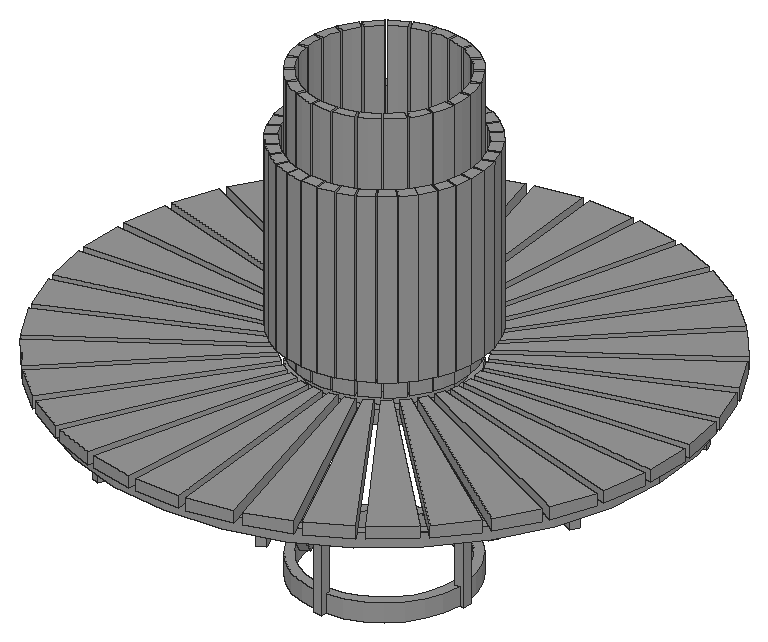
Revit family "Скамейка стальная вокруг дерева или столба «Экспресс».Арт 10728", category Антураж, Revit 2018
Family settings
  На основе рабочей плоскости = Нет
  Всегда вертикально = Да
  При загрузке вырезать с полостями = Нет
  Источник визуального образа = Геометрия семейства
  Общий = Нет
  Точка расчета площади = Нет
Parameters (values of type "Скамейка стальная вокруг дерева или столба «Экспресс». Версия с кашпо")
  Ширина = Диаметр  # 1300 mm
  Цвет лавки = Дерево
  Цвет каркаса = Сталь
  С кашпо = yes
  Описание = if(Без кашпо, "Скамейка стальная вокруг дерева или столба «Экспресс». Версия без кашпо", "Скамейка стальная вокруг дерева или столба «Экспресс». Версия с кашпо")  # "Скамейка стальная вокруг дерева или столба «Экспресс». Версия с кашпо"
  Материал изделия = "Сталь, дерево"  # constant formula
  Изображение типоразмера = Скамейка стальная вокруг дерева или столба «Экспресс» Арт 10728 с кашпо.jpg
  Изготовитель = "ООО «Хоббика»"  # constant formula
  Длина = Диаметр  # 1300 mm
  Диаметр = 1300 mm  # constant formula
  Группа модели = "Скамейки"  # constant formula
  Высота = 1030 mm  # constant formula
  Без кашпо = not(С кашпо)  # no
  Артикул товара = "Арт. 10728"  # constant formula
  URL = "https://hobbyka.ru/product/skameyka_vokrug_dereva_ekspress/"
Reference planes
  plane 1 "По центру (Вперед/Назад)": y = 0
  plane 2: z = 0
  plane 3 "По центру (Влево/Вправо)": x = 0
  plane 4: x = 1300
  plane 5: y = 1300
  plane 6: z = 1030
Forms (mm)
  Extrusion 1, solid, material "Сталь" <- "Цвет каркаса"
    sketch origin (0, 0, 0) x (1, 0, 0) y (0, 1, 0)
      loop
        circle (650, 650) r 180
      loop
        circle (650, 650) r 160
    from 0 to 40
  Extrusion 2, solid, material "Сталь" <- "Цвет каркаса", visible <- "Без кашпо"
    sketch origin (0, 0, 0) x (1, 0, 0) y (0, 1, 0)
      loop
        circle (650, 650) r 180
      loop
        circle (650, 650) r 160
    from 910 to 930
  Extrusion 3, solid, material "Сталь" <- "Цвет каркаса", visible <- "Без кашпо"
    sketch origin (0, 0, 0) x (1, 0, 0) y (0, 1, 0)
      loop
        circle (650, 650) r 180
      loop
        circle (650, 650) r 160
    from 1010 to 1030
  Extrusion 4, solid, material "Сталь" <- "Цвет каркаса"
    sketch origin (0, 0, 0) x (1, 0, 0) y (0, 1, 0)
      loop
        circle (650, 650) r 630
      loop
        circle (650, 650) r 610
    from 405 to 435
  Extrusion 5, solid, material "Сталь" <- "Цвет каркаса"
    sketch origin (0, 0, 0) x (1, 0, 0) y (0, 1, 0)
      loop
        circle (650, 650) r 180
      loop
        circle (650, 650) r 160
    from 405 to 435
  Extrusion 6, solid, material "Сталь" <- "Цвет каркаса"
    sketch origin (0, 0, 0) x (1, 0, 0) y (0, 1, 0)
      loop
        line (640, 840) -> (640, 820) -> (660, 820) -> (660, 840) -> (640, 840)
      loop
        line (460, 660) -> (460, 640) -> (480, 640) -> (480, 660) -> (460, 660)
      loop
        line (840, 660) -> (820, 660) -> (820, 640) -> (840, 640) -> (840, 660)
      loop
        line (660, 460) -> (660, 480) -> (640, 480) -> (640, 460) -> (660, 460)
    from 0 to 435
  Extrusion 7, solid, material "Сталь" <- "Цвет каркаса", visible <- "Без кашпо"
    sketch origin (0, 0, 0) x (1, 0, 0) y (0, 1, 0)
      loop
        line (640, 815) -> (640, 795) -> (660, 795) -> (660, 815) -> (640, 815)
      loop
        line (485, 660) -> (485, 640) -> (505, 640) -> (505, 660) -> (485, 660)
      loop
        line (815, 660) -> (795, 660) -> (795, 640) -> (815, 640) -> (815, 660)
      loop
        line (660, 485) -> (660, 505) -> (640, 505) -> (640, 485) -> (660, 485)
    from 405 to 1030
  Extrusion 8, solid, material "Сталь" <- "Цвет каркаса"
    sketch origin (0, 0, 0) x (1, 0, 0) y (0, 1, 0)
      loop
        line (480, 660) -> (30, 660) -> (30, 640) -> (480, 640) -> (480, 660)
      loop
        line (1270, 660) -> (820, 660) -> (820, 640) -> (1270, 640) -> (1270, 660)
      loop
        line (660, 820) -> (660, 1270) -> (640, 1270) -> (640, 820) -> (660, 820)
      loop
        line (660, 30) -> (660, 480) -> (640, 480) -> (640, 30) -> (660, 30)
    from 405 to 435
  Extrusion 9, solid, material "Сталь" <- "Цвет каркаса"
    sketch origin (259.531, -230.667, 0) x (-0.422618, 0.906308, 0) y (0, 0, 1)
      loop
        line (20, 405) -> (20, 380) -> (160, 380) -> (347.383, 192.617) -> (472.217, 192.617) -> (472.217, 217.617) -> (357.739, 217.617) -> (170.355, 405) -> (20, 405)
    from 640 to 660
  Extrusion 10, solid, material "Сталь" <- "Цвет каркаса"
    sketch origin (1040.469, -230.667, 0) x (0.422618, 0.906308, 0) y (0, 0, -1)
      loop
        line (20, -405) -> (170.355, -405) -> (357.739, -217.617) -> (472.217, -217.617) -> (472.217, -192.617) -> (347.383, -192.617) -> (160, -380) -> (20, -380) -> (20, -405)
    from 640 to 660
  Extrusion 11, solid, material "Сталь" <- "Цвет каркаса"
    sketch origin (259.531, 1530.667, 0) x (-0.422618, -0.906308, 0) y (0, 0, -1)
      loop
        line (20, -405) -> (170.355, -405) -> (357.739, -217.617) -> (472.217, -217.617) -> (472.217, -192.617) -> (347.383, -192.617) -> (160, -380) -> (20, -380) -> (20, -405)
    from 640 to 660
  Extrusion 12, solid, material "Сталь" <- "Цвет каркаса"
    sketch origin (1040.469, 1530.667, 0) x (0.422618, -0.906308, 0) y (0, 0, 1)
      loop
        line (20, 405) -> (20, 380) -> (160, 380) -> (347.383, 192.617) -> (472.217, 192.617) -> (472.217, 217.617) -> (357.739, 217.617) -> (170.355, 405) -> (20, 405)
    from 640 to 660
  Extrusion 13, solid, material "Сталь" <- "Цвет каркаса"
    sketch origin (-230.667, 1040.469, 0) x (0.906308, 0.422618, 0) y (0, 0, 1)
      loop
        line (20, 405) -> (20, 380) -> (160, 380) -> (347.383, 192.617) -> (472.217, 192.617) -> (472.217, 217.617) -> (357.739, 217.617) -> (170.355, 405) -> (20, 405)
    from 640 to 660
  Extrusion 14, solid, material "Сталь" <- "Цвет каркаса"
    sketch origin (-230.667, 259.531, 0) x (0.906308, -0.422618, 0) y (0, 0, -1)
      loop
        line (20, -405) -> (170.355, -405) -> (357.739, -217.617) -> (472.217, -217.617) -> (472.217, -192.617) -> (347.383, -192.617) -> (160, -380) -> (20, -380) -> (20, -405)
    from 640 to 660
  Extrusion 15, solid, material "Сталь" <- "Цвет каркаса"
    sketch origin (1530.667, 1040.469, 0) x (-0.906308, 0.422618, 0) y (0, 0, -1)
      loop
        line (20, -405) -> (170.355, -405) -> (357.739, -217.617) -> (472.217, -217.617) -> (472.217, -192.617) -> (347.383, -192.617) -> (160, -380) -> (20, -380) -> (20, -405)
    from 640 to 660
  Extrusion 16, solid, material "Сталь" <- "Цвет каркаса"
    sketch origin (1530.667, 259.531, 0) x (-0.906308, -0.422618, 0) y (0, 0, 1)
      loop
        line (20, 405) -> (20, 380) -> (160, 380) -> (347.383, 192.617) -> (472.217, 192.617) -> (472.217, 217.617) -> (357.739, 217.617) -> (170.355, 405) -> (20, 405)
    from 640 to 660
  Extrusion 17, solid, material "Дерево" <- "Цвет лавки"
    sketch origin (0, 0, 0) x (1, 0, 0) y (0, 1, 0)
      loop
        arc (698.144, 1298.215) -> (650, 1300) -> (601.856, 1298.215) r 650
        line (601.856, 1298.215) -> (640, 839.737)
        arc (640, 839.737) -> (650, 840) -> (660, 839.737) r 190
        line (660, 839.737) -> (698.144, 1298.215)
    from 435 to 460
  Extrusion 18, solid, material "Дерево" <- "Цвет лавки"
    sketch origin (-102.996, 122.746, 0) x (0.984808, -0.173648, 0) y (0.173648, 0.984808, 0)
      loop
        arc (698.144, 1298.215) -> (650, 1300) -> (601.856, 1298.215) r 650
        line (601.856, 1298.215) -> (640, 839.737)
        arc (640, 839.737) -> (650, 840) -> (660, 839.737) r 190
        line (660, 839.737) -> (698.144, 1298.215)
    from 435 to 460
  Extrusion 19, solid, material "Дерево" <- "Цвет лавки"
    sketch origin (-183.113, 261.513, 0) x (0.939693, -0.34202, 0) y (0.34202, 0.939693, 0)
      loop
        arc (698.144, 1298.215) -> (650, 1300) -> (601.856, 1298.215) r 650
        line (601.856, 1298.215) -> (640, 839.737)
        arc (640, 839.737) -> (650, 840) -> (660, 839.737) r 190
        line (660, 839.737) -> (698.144, 1298.215)
    from 435 to 460
  Extrusion 20, solid, material "Дерево" <- "Цвет лавки"
    sketch origin (-237.917, 412.083, 0) x (0.866025, -0.5, 0) y (0.5, 0.866025, 0)
      loop
        arc (698.144, 1298.215) -> (650, 1300) -> (601.856, 1298.215) r 650
        line (601.856, 1298.215) -> (640, 839.737)
        arc (640, 839.737) -> (650, 840) -> (660, 839.737) r 190
        line (660, 839.737) -> (698.144, 1298.215)
    from 435 to 460
  Extrusion 21, solid, material "Дерево" <- "Цвет лавки"
    sketch origin (-265.741, 569.883, 0) x (0.766044, -0.642788, 0) y (0.642788, 0.766044, 0)
      loop
        arc (698.144, 1298.215) -> (650, 1300) -> (601.856, 1298.215) r 650
        line (601.856, 1298.215) -> (640, 839.737)
        arc (640, 839.737) -> (650, 840) -> (660, 839.737) r 190
        line (660, 839.737) -> (698.144, 1298.215)
    from 435 to 460
  Extrusion 22, solid, material "Дерево" <- "Цвет лавки"
    sketch origin (-265.741, 730.117, 0) x (0.642788, -0.766044, 0) y (0.766044, 0.642788, 0)
      loop
        arc (698.144, 1298.215) -> (650, 1300) -> (601.856, 1298.215) r 650
        line (601.856, 1298.215) -> (640, 839.737)
        arc (640, 839.737) -> (650, 840) -> (660, 839.737) r 190
        line (660, 839.737) -> (698.144, 1298.215)
    from 435 to 460
  Extrusion 23, solid, material "Дерево" <- "Цвет лавки"
    sketch origin (-237.917, 887.917, 0) x (0.5, -0.866025, 0) y (0.866025, 0.5, 0)
      loop
        arc (698.144, 1298.215) -> (650, 1300) -> (601.856, 1298.215) r 650
        line (601.856, 1298.215) -> (640, 839.737)
        arc (640, 839.737) -> (650, 840) -> (660, 839.737) r 190
        line (660, 839.737) -> (698.144, 1298.215)
    from 435 to 460
  Extrusion 24, solid, material "Дерево" <- "Цвет лавки"
    sketch origin (-183.113, 1038.487, 0) x (0.34202, -0.939693, 0) y (0.939693, 0.34202, 0)
      loop
        arc (698.144, 1298.215) -> (650, 1300) -> (601.856, 1298.215) r 650
        line (601.856, 1298.215) -> (640, 839.737)
        arc (640, 839.737) -> (650, 840) -> (660, 839.737) r 190
        line (660, 839.737) -> (698.144, 1298.215)
    from 435 to 460
  Extrusion 25, solid, material "Дерево" <- "Цвет лавки"
    sketch origin (-102.996, 1177.254, 0) x (0.173648, -0.984808, 0) y (0.984808, 0.173648, 0)
      loop
        arc (698.144, 1298.215) -> (650, 1300) -> (601.856, 1298.215) r 650
        line (601.856, 1298.215) -> (640, 839.737)
        arc (640, 839.737) -> (650, 840) -> (660, 839.737) r 190
        line (660, 839.737) -> (698.144, 1298.215)
    from 435 to 460
  Extrusion 26, solid, material "Дерево" <- "Цвет лавки"
    sketch origin (0, 1300, 0) x (0, -1, 0) y (1, 0, 0)
      loop
        arc (698.144, 1298.215) -> (650, 1300) -> (601.856, 1298.215) r 650
        line (601.856, 1298.215) -> (640, 839.737)
        arc (640, 839.737) -> (650, 840) -> (660, 839.737) r 190
        line (660, 839.737) -> (698.144, 1298.215)
    from 435 to 460
  Extrusion 27, solid, material "Дерево" <- "Цвет лавки"
    sketch origin (122.746, 1402.996, 0) x (-0.173648, -0.984808, 0) y (0.984808, -0.173648, 0)
      loop
        arc (698.144, 1298.215) -> (650, 1300) -> (601.856, 1298.215) r 650
        line (601.856, 1298.215) -> (640, 839.737)
        arc (640, 839.737) -> (650, 840) -> (660, 839.737) r 190
        line (660, 839.737) -> (698.144, 1298.215)
    from 435 to 460
  Extrusion 28, solid, material "Дерево" <- "Цвет лавки"
    sketch origin (261.513, 1483.113, 0) x (-0.34202, -0.939693, 0) y (0.939693, -0.34202, 0)
      loop
        arc (698.144, 1298.215) -> (650, 1300) -> (601.856, 1298.215) r 650
        line (601.856, 1298.215) -> (640, 839.737)
        arc (640, 839.737) -> (650, 840) -> (660, 839.737) r 190
        line (660, 839.737) -> (698.144, 1298.215)
    from 435 to 460
  Extrusion 29, solid, material "Дерево" <- "Цвет лавки"
    sketch origin (412.083, 1537.917, 0) x (-0.5, -0.866025, 0) y (0.866025, -0.5, 0)
      loop
        arc (698.144, 1298.215) -> (650, 1300) -> (601.856, 1298.215) r 650
        line (601.856, 1298.215) -> (640, 839.737)
        arc (640, 839.737) -> (650, 840) -> (660, 839.737) r 190
        line (660, 839.737) -> (698.144, 1298.215)
    from 435 to 460
  Extrusion 30, solid, material "Дерево" <- "Цвет лавки"
    sketch origin (569.883, 1565.741, 0) x (-0.642788, -0.766044, 0) y (0.766044, -0.642788, 0)
      loop
        arc (698.144, 1298.215) -> (650, 1300) -> (601.856, 1298.215) r 650
        line (601.856, 1298.215) -> (640, 839.737)
        arc (640, 839.737) -> (650, 840) -> (660, 839.737) r 190
        line (660, 839.737) -> (698.144, 1298.215)
    from 435 to 460
  Extrusion 31, solid, material "Дерево" <- "Цвет лавки"
    sketch origin (730.117, 1565.741, 0) x (-0.766044, -0.642788, 0) y (0.642788, -0.766044, 0)
      loop
        arc (698.144, 1298.215) -> (650, 1300) -> (601.856, 1298.215) r 650
        line (601.856, 1298.215) -> (640, 839.737)
        arc (640, 839.737) -> (650, 840) -> (660, 839.737) r 190
        line (660, 839.737) -> (698.144, 1298.215)
    from 435 to 460
  Extrusion 32, solid, material "Дерево" <- "Цвет лавки"
    sketch origin (887.917, 1537.917, 0) x (-0.866025, -0.5, 0) y (0.5, -0.866025, 0)
      loop
        arc (698.144, 1298.215) -> (650, 1300) -> (601.856, 1298.215) r 650
        line (601.856, 1298.215) -> (640, 839.737)
        arc (640, 839.737) -> (650, 840) -> (660, 839.737) r 190
        line (660, 839.737) -> (698.144, 1298.215)
    from 435 to 460
  Extrusion 33, solid, material "Дерево" <- "Цвет лавки"
    sketch origin (1038.487, 1483.113, 0) x (-0.939693, -0.34202, 0) y (0.34202, -0.939693, 0)
      loop
        arc (698.144, 1298.215) -> (650, 1300) -> (601.856, 1298.215) r 650
        line (601.856, 1298.215) -> (640, 839.737)
        arc (640, 839.737) -> (650, 840) -> (660, 839.737) r 190
        line (660, 839.737) -> (698.144, 1298.215)
    from 435 to 460
  Extrusion 34, solid, material "Дерево" <- "Цвет лавки"
    sketch origin (1177.254, 1402.996, 0) x (-0.984808, -0.173648, 0) y (0.173648, -0.984808, 0)
      loop
        arc (698.144, 1298.215) -> (650, 1300) -> (601.856, 1298.215) r 650
        line (601.856, 1298.215) -> (640, 839.737)
        arc (640, 839.737) -> (650, 840) -> (660, 839.737) r 190
        line (660, 839.737) -> (698.144, 1298.215)
    from 435 to 460
  Extrusion 35, solid, material "Дерево" <- "Цвет лавки"
    sketch origin (1300, 1300, 0) x (-1, 0, 0) y (0, -1, 0)
      loop
        arc (698.144, 1298.215) -> (650, 1300) -> (601.856, 1298.215) r 650
        line (601.856, 1298.215) -> (640, 839.737)
        arc (640, 839.737) -> (650, 840) -> (660, 839.737) r 190
        line (660, 839.737) -> (698.144, 1298.215)
    from 435 to 460
  Extrusion 36, solid, material "Дерево" <- "Цвет лавки"
    sketch origin (1402.996, 1177.254, 0) x (-0.984808, 0.173648, 0) y (-0.173648, -0.984808, 0)
      loop
        arc (698.144, 1298.215) -> (650, 1300) -> (601.856, 1298.215) r 650
        line (601.856, 1298.215) -> (640, 839.737)
        arc (640, 839.737) -> (650, 840) -> (660, 839.737) r 190
        line (660, 839.737) -> (698.144, 1298.215)
    from 435 to 460
  Extrusion 37, solid, material "Дерево" <- "Цвет лавки"
    sketch origin (1483.113, 1038.487, 0) x (-0.939693, 0.34202, 0) y (-0.34202, -0.939693, 0)
      loop
        arc (698.144, 1298.215) -> (650, 1300) -> (601.856, 1298.215) r 650
        line (601.856, 1298.215) -> (640, 839.737)
        arc (640, 839.737) -> (650, 840) -> (660, 839.737) r 190
        line (660, 839.737) -> (698.144, 1298.215)
    from 435 to 460
  Extrusion 38, solid, material "Дерево" <- "Цвет лавки"
    sketch origin (1537.917, 887.917, 0) x (-0.866025, 0.5, 0) y (-0.5, -0.866025, 0)
      loop
        arc (698.144, 1298.215) -> (650, 1300) -> (601.856, 1298.215) r 650
        line (601.856, 1298.215) -> (640, 839.737)
        arc (640, 839.737) -> (650, 840) -> (660, 839.737) r 190
        line (660, 839.737) -> (698.144, 1298.215)
    from 435 to 460
  Extrusion 39, solid, material "Дерево" <- "Цвет лавки"
    sketch origin (1565.741, 730.117, 0) x (-0.766044, 0.642788, 0) y (-0.642788, -0.766044, 0)
      loop
        arc (698.144, 1298.215) -> (650, 1300) -> (601.856, 1298.215) r 650
        line (601.856, 1298.215) -> (640, 839.737)
        arc (640, 839.737) -> (650, 840) -> (660, 839.737) r 190
        line (660, 839.737) -> (698.144, 1298.215)
    from 435 to 460
  Extrusion 40, solid, material "Дерево" <- "Цвет лавки"
    sketch origin (1565.741, 569.883, 0) x (-0.642788, 0.766044, 0) y (-0.766044, -0.642788, 0)
      loop
        arc (698.144, 1298.215) -> (650, 1300) -> (601.856, 1298.215) r 650
        line (601.856, 1298.215) -> (640, 839.737)
        arc (640, 839.737) -> (650, 840) -> (660, 839.737) r 190
        line (660, 839.737) -> (698.144, 1298.215)
    from 435 to 460
  Extrusion 41, solid, material "Дерево" <- "Цвет лавки"
    sketch origin (1537.917, 412.083, 0) x (-0.5, 0.866025, 0) y (-0.866025, -0.5, 0)
      loop
        arc (698.144, 1298.215) -> (650, 1300) -> (601.856, 1298.215) r 650
        line (601.856, 1298.215) -> (640, 839.737)
        arc (640, 839.737) -> (650, 840) -> (660, 839.737) r 190
        line (660, 839.737) -> (698.144, 1298.215)
    from 435 to 460
  Extrusion 42, solid, material "Дерево" <- "Цвет лавки"
    sketch origin (1483.113, 261.513, 0) x (-0.34202, 0.939693, 0) y (-0.939693, -0.34202, 0)
      loop
        arc (698.144, 1298.215) -> (650, 1300) -> (601.856, 1298.215) r 650
        line (601.856, 1298.215) -> (640, 839.737)
        arc (640, 839.737) -> (650, 840) -> (660, 839.737) r 190
        line (660, 839.737) -> (698.144, 1298.215)
    from 435 to 460
  Extrusion 43, solid, material "Дерево" <- "Цвет лавки"
    sketch origin (1402.996, 122.746, 0) x (-0.173648, 0.984808, 0) y (-0.984808, -0.173648, 0)
      loop
        arc (698.144, 1298.215) -> (650, 1300) -> (601.856, 1298.215) r 650
        line (601.856, 1298.215) -> (640, 839.737)
        arc (640, 839.737) -> (650, 840) -> (660, 839.737) r 190
        line (660, 839.737) -> (698.144, 1298.215)
    from 435 to 460
  Extrusion 44, solid, material "Дерево" <- "Цвет лавки"
    sketch origin (1300, 0, 0) x (0, 1, 0) y (-1, 0, 0)
      loop
        arc (698.144, 1298.215) -> (650, 1300) -> (601.856, 1298.215) r 650
        line (601.856, 1298.215) -> (640, 839.737)
        arc (640, 839.737) -> (650, 840) -> (660, 839.737) r 190
        line (660, 839.737) -> (698.144, 1298.215)
    from 435 to 460
  Extrusion 45, solid, material "Дерево" <- "Цвет лавки"
    sketch origin (1177.254, -102.996, 0) x (0.173648, 0.984808, 0) y (-0.984808, 0.173648, 0)
      loop
        arc (698.144, 1298.215) -> (650, 1300) -> (601.856, 1298.215) r 650
        line (601.856, 1298.215) -> (640, 839.737)
        arc (640, 839.737) -> (650, 840) -> (660, 839.737) r 190
        line (660, 839.737) -> (698.144, 1298.215)
    from 435 to 460
  Extrusion 46, solid, material "Дерево" <- "Цвет лавки"
    sketch origin (1038.487, -183.113, 0) x (0.34202, 0.939693, 0) y (-0.939693, 0.34202, 0)
      loop
        arc (698.144, 1298.215) -> (650, 1300) -> (601.856, 1298.215) r 650
        line (601.856, 1298.215) -> (640, 839.737)
        arc (640, 839.737) -> (650, 840) -> (660, 839.737) r 190
        line (660, 839.737) -> (698.144, 1298.215)
    from 435 to 460
  Extrusion 47, solid, material "Дерево" <- "Цвет лавки"
    sketch origin (887.917, -237.917, 0) x (0.5, 0.866025, 0) y (-0.866025, 0.5, 0)
      loop
        arc (698.144, 1298.215) -> (650, 1300) -> (601.856, 1298.215) r 650
        line (601.856, 1298.215) -> (640, 839.737)
        arc (640, 839.737) -> (650, 840) -> (660, 839.737) r 190
        line (660, 839.737) -> (698.144, 1298.215)
    from 435 to 460
  Extrusion 48, solid, material "Дерево" <- "Цвет лавки"
    sketch origin (730.117, -265.741, 0) x (0.642788, 0.766044, 0) y (-0.766044, 0.642788, 0)
      loop
        arc (698.144, 1298.215) -> (650, 1300) -> (601.856, 1298.215) r 650
        line (601.856, 1298.215) -> (640, 839.737)
        arc (640, 839.737) -> (650, 840) -> (660, 839.737) r 190
        line (660, 839.737) -> (698.144, 1298.215)
    from 435 to 460
  Extrusion 49, solid, material "Дерево" <- "Цвет лавки"
    sketch origin (569.883, -265.741, 0) x (0.766044, 0.642788, 0) y (-0.642788, 0.766044, 0)
      loop
        arc (698.144, 1298.215) -> (650, 1300) -> (601.856, 1298.215) r 650
        line (601.856, 1298.215) -> (640, 839.737)
        arc (640, 839.737) -> (650, 840) -> (660, 839.737) r 190
        line (660, 839.737) -> (698.144, 1298.215)
    from 435 to 460
  Extrusion 50, solid, material "Дерево" <- "Цвет лавки"
    sketch origin (412.083, -237.917, 0) x (0.866025, 0.5, 0) y (-0.5, 0.866025, 0)
      loop
        arc (698.144, 1298.215) -> (650, 1300) -> (601.856, 1298.215) r 650
        line (601.856, 1298.215) -> (640, 839.737)
        arc (640, 839.737) -> (650, 840) -> (660, 839.737) r 190
        line (660, 839.737) -> (698.144, 1298.215)
    from 435 to 460
  Extrusion 51, solid, material "Дерево" <- "Цвет лавки"
    sketch origin (261.513, -183.113, 0) x (0.939693, 0.34202, 0) y (-0.34202, 0.939693, 0)
      loop
        arc (698.144, 1298.215) -> (650, 1300) -> (601.856, 1298.215) r 650
        line (601.856, 1298.215) -> (640, 839.737)
        arc (640, 839.737) -> (650, 840) -> (660, 839.737) r 190
        line (660, 839.737) -> (698.144, 1298.215)
    from 435 to 460
  Extrusion 52, solid, material "Дерево" <- "Цвет лавки"
    sketch origin (122.746, -102.996, 0) x (0.984808, 0.173648, 0) y (-0.173648, 0.984808, 0)
      loop
        arc (698.144, 1298.215) -> (650, 1300) -> (601.856, 1298.215) r 650
        line (601.856, 1298.215) -> (640, 839.737)
        arc (640, 839.737) -> (650, 840) -> (660, 839.737) r 190
        line (660, 839.737) -> (698.144, 1298.215)
    from 435 to 460
  Extrusion 53, solid, material "Дерево" <- "Цвет лавки"
    sketch origin (0, 0, 0) x (1, 0, 0) y (0, 1, 0)
      loop
        line (664.99, 839.408) -> (667.063, 864.322)
        arc (667.063, 864.322) -> (650, 865) -> (632.937, 864.322) r 215
        line (632.937, 864.322) -> (635.01, 839.408)
        arc (635.01, 839.408) -> (650, 840) -> (664.99, 839.408) r 190
    from 510 to 890
  Extrusion 54, solid, material "Дерево" <- "Цвет лавки"
    sketch origin (-102.996, 122.746, 0) x (0.984808, -0.173648, 0) y (0.173648, 0.984808, 0)
      loop
        line (664.99, 839.408) -> (667.063, 864.322)
        arc (667.063, 864.322) -> (650, 865) -> (632.937, 864.322) r 215
        line (632.937, 864.322) -> (635.01, 839.408)
        arc (635.01, 839.408) -> (650, 840) -> (664.99, 839.408) r 190
    from 510 to 890
  Extrusion 55, solid, material "Дерево" <- "Цвет лавки"
    sketch origin (-183.113, 261.513, 0) x (0.939693, -0.34202, 0) y (0.34202, 0.939693, 0)
      loop
        line (664.99, 839.408) -> (667.063, 864.322)
        arc (667.063, 864.322) -> (650, 865) -> (632.937, 864.322) r 215
        line (632.937, 864.322) -> (635.01, 839.408)
        arc (635.01, 839.408) -> (650, 840) -> (664.99, 839.408) r 190
    from 510 to 890
  Extrusion 56, solid, material "Дерево" <- "Цвет лавки"
    sketch origin (-237.917, 412.083, 0) x (0.866025, -0.5, 0) y (0.5, 0.866025, 0)
      loop
        line (664.99, 839.408) -> (667.063, 864.322)
        arc (667.063, 864.322) -> (650, 865) -> (632.937, 864.322) r 215
        line (632.937, 864.322) -> (635.01, 839.408)
        arc (635.01, 839.408) -> (650, 840) -> (664.99, 839.408) r 190
    from 510 to 890
  Extrusion 57, solid, material "Дерево" <- "Цвет лавки"
    sketch origin (-265.741, 569.883, 0) x (0.766044, -0.642788, 0) y (0.642788, 0.766044, 0)
      loop
        line (664.99, 839.408) -> (667.063, 864.322)
        arc (667.063, 864.322) -> (650, 865) -> (632.937, 864.322) r 215
        line (632.937, 864.322) -> (635.01, 839.408)
        arc (635.01, 839.408) -> (650, 840) -> (664.99, 839.408) r 190
    from 510 to 890
  Extrusion 58, solid, material "Дерево" <- "Цвет лавки"
    sketch origin (-265.741, 730.117, 0) x (0.642788, -0.766044, 0) y (0.766044, 0.642788, 0)
      loop
        line (664.99, 839.408) -> (667.063, 864.322)
        arc (667.063, 864.322) -> (650, 865) -> (632.937, 864.322) r 215
        line (632.937, 864.322) -> (635.01, 839.408)
        arc (635.01, 839.408) -> (650, 840) -> (664.99, 839.408) r 190
    from 510 to 890
  Extrusion 59, solid, material "Дерево" <- "Цвет лавки"
    sketch origin (-237.917, 887.917, 0) x (0.5, -0.866025, 0) y (0.866025, 0.5, 0)
      loop
        line (664.99, 839.408) -> (667.063, 864.322)
        arc (667.063, 864.322) -> (650, 865) -> (632.937, 864.322) r 215
        line (632.937, 864.322) -> (635.01, 839.408)
        arc (635.01, 839.408) -> (650, 840) -> (664.99, 839.408) r 190
    from 510 to 890
  Extrusion 60, solid, material "Дерево" <- "Цвет лавки"
    sketch origin (-183.113, 1038.487, 0) x (0.34202, -0.939693, 0) y (0.939693, 0.34202, 0)
      loop
        line (664.99, 839.408) -> (667.063, 864.322)
        arc (667.063, 864.322) -> (650, 865) -> (632.937, 864.322) r 215
        line (632.937, 864.322) -> (635.01, 839.408)
        arc (635.01, 839.408) -> (650, 840) -> (664.99, 839.408) r 190
    from 510 to 890
  Extrusion 61, solid, material "Дерево" <- "Цвет лавки"
    sketch origin (-102.996, 1177.254, 0) x (0.173648, -0.984808, 0) y (0.984808, 0.173648, 0)
      loop
        line (664.99, 839.408) -> (667.063, 864.322)
        arc (667.063, 864.322) -> (650, 865) -> (632.937, 864.322) r 215
        line (632.937, 864.322) -> (635.01, 839.408)
        arc (635.01, 839.408) -> (650, 840) -> (664.99, 839.408) r 190
    from 510 to 890
  Extrusion 62, solid, material "Дерево" <- "Цвет лавки"
    sketch origin (0, 1300, 0) x (0, -1, 0) y (1, 0, 0)
      loop
        line (664.99, 839.408) -> (667.063, 864.322)
        arc (667.063, 864.322) -> (650, 865) -> (632.937, 864.322) r 215
        line (632.937, 864.322) -> (635.01, 839.408)
        arc (635.01, 839.408) -> (650, 840) -> (664.99, 839.408) r 190
    from 510 to 890
  Extrusion 63, solid, material "Дерево" <- "Цвет лавки"
    sketch origin (122.746, 1402.996, 0) x (-0.173648, -0.984808, 0) y (0.984808, -0.173648, 0)
      loop
        line (664.99, 839.408) -> (667.063, 864.322)
        arc (667.063, 864.322) -> (650, 865) -> (632.937, 864.322) r 215
        line (632.937, 864.322) -> (635.01, 839.408)
        arc (635.01, 839.408) -> (650, 840) -> (664.99, 839.408) r 190
    from 510 to 890
  Extrusion 64, solid, material "Дерево" <- "Цвет лавки"
    sketch origin (261.513, 1483.113, 0) x (-0.34202, -0.939693, 0) y (0.939693, -0.34202, 0)
      loop
        line (664.99, 839.408) -> (667.063, 864.322)
        arc (667.063, 864.322) -> (650, 865) -> (632.937, 864.322) r 215
        line (632.937, 864.322) -> (635.01, 839.408)
        arc (635.01, 839.408) -> (650, 840) -> (664.99, 839.408) r 190
    from 510 to 890
  Extrusion 65, solid, material "Дерево" <- "Цвет лавки"
    sketch origin (412.083, 1537.917, 0) x (-0.5, -0.866025, 0) y (0.866025, -0.5, 0)
      loop
        line (664.99, 839.408) -> (667.063, 864.322)
        arc (667.063, 864.322) -> (650, 865) -> (632.937, 864.322) r 215
        line (632.937, 864.322) -> (635.01, 839.408)
        arc (635.01, 839.408) -> (650, 840) -> (664.99, 839.408) r 190
    from 510 to 890
  Extrusion 66, solid, material "Дерево" <- "Цвет лавки"
    sketch origin (569.883, 1565.741, 0) x (-0.642788, -0.766044, 0) y (0.766044, -0.642788, 0)
      loop
        line (664.99, 839.408) -> (667.063, 864.322)
        arc (667.063, 864.322) -> (650, 865) -> (632.937, 864.322) r 215
        line (632.937, 864.322) -> (635.01, 839.408)
        arc (635.01, 839.408) -> (650, 840) -> (664.99, 839.408) r 190
    from 510 to 890
  Extrusion 67, solid, material "Дерево" <- "Цвет лавки"
    sketch origin (730.117, 1565.741, 0) x (-0.766044, -0.642788, 0) y (0.642788, -0.766044, 0)
      loop
        line (664.99, 839.408) -> (667.063, 864.322)
        arc (667.063, 864.322) -> (650, 865) -> (632.937, 864.322) r 215
        line (632.937, 864.322) -> (635.01, 839.408)
        arc (635.01, 839.408) -> (650, 840) -> (664.99, 839.408) r 190
    from 510 to 890
  Extrusion 68, solid, material "Дерево" <- "Цвет лавки"
    sketch origin (887.917, 1537.917, 0) x (-0.866025, -0.5, 0) y (0.5, -0.866025, 0)
      loop
        line (664.99, 839.408) -> (667.063, 864.322)
        arc (667.063, 864.322) -> (650, 865) -> (632.937, 864.322) r 215
        line (632.937, 864.322) -> (635.01, 839.408)
        arc (635.01, 839.408) -> (650, 840) -> (664.99, 839.408) r 190
    from 510 to 890
  Extrusion 69, solid, material "Дерево" <- "Цвет лавки"
    sketch origin (1038.487, 1483.113, 0) x (-0.939693, -0.34202, 0) y (0.34202, -0.939693, 0)
      loop
        line (664.99, 839.408) -> (667.063, 864.322)
        arc (667.063, 864.322) -> (650, 865) -> (632.937, 864.322) r 215
        line (632.937, 864.322) -> (635.01, 839.408)
        arc (635.01, 839.408) -> (650, 840) -> (664.99, 839.408) r 190
    from 510 to 890
  Extrusion 70, solid, material "Дерево" <- "Цвет лавки"
    sketch origin (1177.254, 1402.996, 0) x (-0.984808, -0.173648, 0) y (0.173648, -0.984808, 0)
      loop
        line (664.99, 839.408) -> (667.063, 864.322)
        arc (667.063, 864.322) -> (650, 865) -> (632.937, 864.322) r 215
        line (632.937, 864.322) -> (635.01, 839.408)
        arc (635.01, 839.408) -> (650, 840) -> (664.99, 839.408) r 190
    from 510 to 890
  Extrusion 71, solid, material "Дерево" <- "Цвет лавки"
    sketch origin (1300, 1300, 0) x (-1, 0, 0) y (0, -1, 0)
      loop
        line (664.99, 839.408) -> (667.063, 864.322)
        arc (667.063, 864.322) -> (650, 865) -> (632.937, 864.322) r 215
        line (632.937, 864.322) -> (635.01, 839.408)
        arc (635.01, 839.408) -> (650, 840) -> (664.99, 839.408) r 190
    from 510 to 890
  Extrusion 72, solid, material "Дерево" <- "Цвет лавки"
    sketch origin (1402.996, 1177.254, 0) x (-0.984808, 0.173648, 0) y (-0.173648, -0.984808, 0)
      loop
        line (664.99, 839.408) -> (667.063, 864.322)
        arc (667.063, 864.322) -> (650, 865) -> (632.937, 864.322) r 215
        line (632.937, 864.322) -> (635.01, 839.408)
        arc (635.01, 839.408) -> (650, 840) -> (664.99, 839.408) r 190
    from 510 to 890
  Extrusion 73, solid, material "Дерево" <- "Цвет лавки"
    sketch origin (1483.113, 1038.487, 0) x (-0.939693, 0.34202, 0) y (-0.34202, -0.939693, 0)
      loop
        line (664.99, 839.408) -> (667.063, 864.322)
        arc (667.063, 864.322) -> (650, 865) -> (632.937, 864.322) r 215
        line (632.937, 864.322) -> (635.01, 839.408)
        arc (635.01, 839.408) -> (650, 840) -> (664.99, 839.408) r 190
    from 510 to 890
  Extrusion 74, solid, material "Дерево" <- "Цвет лавки"
    sketch origin (1537.917, 887.917, 0) x (-0.866025, 0.5, 0) y (-0.5, -0.866025, 0)
      loop
        line (664.99, 839.408) -> (667.063, 864.322)
        arc (667.063, 864.322) -> (650, 865) -> (632.937, 864.322) r 215
        line (632.937, 864.322) -> (635.01, 839.408)
        arc (635.01, 839.408) -> (650, 840) -> (664.99, 839.408) r 190
    from 510 to 890
  Extrusion 75, solid, material "Дерево" <- "Цвет лавки"
    sketch origin (1565.741, 730.117, 0) x (-0.766044, 0.642788, 0) y (-0.642788, -0.766044, 0)
      loop
        line (664.99, 839.408) -> (667.063, 864.322)
        arc (667.063, 864.322) -> (650, 865) -> (632.937, 864.322) r 215
        line (632.937, 864.322) -> (635.01, 839.408)
        arc (635.01, 839.408) -> (650, 840) -> (664.99, 839.408) r 190
    from 510 to 890
  Extrusion 76, solid, material "Дерево" <- "Цвет лавки"
    sketch origin (1565.741, 569.883, 0) x (-0.642788, 0.766044, 0) y (-0.766044, -0.642788, 0)
      loop
        line (664.99, 839.408) -> (667.063, 864.322)
        arc (667.063, 864.322) -> (650, 865) -> (632.937, 864.322) r 215
        line (632.937, 864.322) -> (635.01, 839.408)
        arc (635.01, 839.408) -> (650, 840) -> (664.99, 839.408) r 190
    from 510 to 890
  Extrusion 77, solid, material "Дерево" <- "Цвет лавки"
    sketch origin (1537.917, 412.083, 0) x (-0.5, 0.866025, 0) y (-0.866025, -0.5, 0)
      loop
        line (664.99, 839.408) -> (667.063, 864.322)
        arc (667.063, 864.322) -> (650, 865) -> (632.937, 864.322) r 215
        line (632.937, 864.322) -> (635.01, 839.408)
        arc (635.01, 839.408) -> (650, 840) -> (664.99, 839.408) r 190
    from 510 to 890
  Extrusion 78, solid, material "Дерево" <- "Цвет лавки"
    sketch origin (1483.113, 261.513, 0) x (-0.34202, 0.939693, 0) y (-0.939693, -0.34202, 0)
      loop
        line (664.99, 839.408) -> (667.063, 864.322)
        arc (667.063, 864.322) -> (650, 865) -> (632.937, 864.322) r 215
        line (632.937, 864.322) -> (635.01, 839.408)
        arc (635.01, 839.408) -> (650, 840) -> (664.99, 839.408) r 190
    from 510 to 890
  Extrusion 79, solid, material "Дерево" <- "Цвет лавки"
    sketch origin (1402.996, 122.746, 0) x (-0.173648, 0.984808, 0) y (-0.984808, -0.173648, 0)
      loop
        line (664.99, 839.408) -> (667.063, 864.322)
        arc (667.063, 864.322) -> (650, 865) -> (632.937, 864.322) r 215
        line (632.937, 864.322) -> (635.01, 839.408)
        arc (635.01, 839.408) -> (650, 840) -> (664.99, 839.408) r 190
    from 510 to 890
  Extrusion 80, solid, material "Дерево" <- "Цвет лавки"
    sketch origin (1300, 0, 0) x (0, 1, 0) y (-1, 0, 0)
      loop
        line (664.99, 839.408) -> (667.063, 864.322)
        arc (667.063, 864.322) -> (650, 865) -> (632.937, 864.322) r 215
        line (632.937, 864.322) -> (635.01, 839.408)
        arc (635.01, 839.408) -> (650, 840) -> (664.99, 839.408) r 190
    from 510 to 890
  Extrusion 81, solid, material "Дерево" <- "Цвет лавки"
    sketch origin (1177.254, -102.996, 0) x (0.173648, 0.984808, 0) y (-0.984808, 0.173648, 0)
      loop
        line (664.99, 839.408) -> (667.063, 864.322)
        arc (667.063, 864.322) -> (650, 865) -> (632.937, 864.322) r 215
        line (632.937, 864.322) -> (635.01, 839.408)
        arc (635.01, 839.408) -> (650, 840) -> (664.99, 839.408) r 190
    from 510 to 890
  Extrusion 82, solid, material "Дерево" <- "Цвет лавки"
    sketch origin (1038.487, -183.113, 0) x (0.34202, 0.939693, 0) y (-0.939693, 0.34202, 0)
      loop
        line (664.99, 839.408) -> (667.063, 864.322)
        arc (667.063, 864.322) -> (650, 865) -> (632.937, 864.322) r 215
        line (632.937, 864.322) -> (635.01, 839.408)
        arc (635.01, 839.408) -> (650, 840) -> (664.99, 839.408) r 190
    from 510 to 890
  Extrusion 83, solid, material "Дерево" <- "Цвет лавки"
    sketch origin (887.917, -237.917, 0) x (0.5, 0.866025, 0) y (-0.866025, 0.5, 0)
      loop
        line (664.99, 839.408) -> (667.063, 864.322)
        arc (667.063, 864.322) -> (650, 865) -> (632.937, 864.322) r 215
        line (632.937, 864.322) -> (635.01, 839.408)
        arc (635.01, 839.408) -> (650, 840) -> (664.99, 839.408) r 190
    from 510 to 890
  Extrusion 84, solid, material "Дерево" <- "Цвет лавки"
    sketch origin (730.117, -265.741, 0) x (0.642788, 0.766044, 0) y (-0.766044, 0.642788, 0)
      loop
        line (664.99, 839.408) -> (667.063, 864.322)
        arc (667.063, 864.322) -> (650, 865) -> (632.937, 864.322) r 215
        line (632.937, 864.322) -> (635.01, 839.408)
        arc (635.01, 839.408) -> (650, 840) -> (664.99, 839.408) r 190
    from 510 to 890
  Extrusion 85, solid, material "Дерево" <- "Цвет лавки"
    sketch origin (569.883, -265.741, 0) x (0.766044, 0.642788, 0) y (-0.642788, 0.766044, 0)
      loop
        line (664.99, 839.408) -> (667.063, 864.322)
        arc (667.063, 864.322) -> (650, 865) -> (632.937, 864.322) r 215
        line (632.937, 864.322) -> (635.01, 839.408)
        arc (635.01, 839.408) -> (650, 840) -> (664.99, 839.408) r 190
    from 510 to 890
  Extrusion 86, solid, material "Дерево" <- "Цвет лавки"
    sketch origin (412.083, -237.917, 0) x (0.866025, 0.5, 0) y (-0.5, 0.866025, 0)
      loop
        line (664.99, 839.408) -> (667.063, 864.322)
        arc (667.063, 864.322) -> (650, 865) -> (632.937, 864.322) r 215
        line (632.937, 864.322) -> (635.01, 839.408)
        arc (635.01, 839.408) -> (650, 840) -> (664.99, 839.408) r 190
    from 510 to 890
  Extrusion 87, solid, material "Дерево" <- "Цвет лавки"
    sketch origin (261.513, -183.113, 0) x (0.939693, 0.34202, 0) y (-0.34202, 0.939693, 0)
      loop
        line (664.99, 839.408) -> (667.063, 864.322)
        arc (667.063, 864.322) -> (650, 865) -> (632.937, 864.322) r 215
        line (632.937, 864.322) -> (635.01, 839.408)
        arc (635.01, 839.408) -> (650, 840) -> (664.99, 839.408) r 190
    from 510 to 890
  Extrusion 88, solid, material "Дерево" <- "Цвет лавки"
    sketch origin (122.746, -102.996, 0) x (0.984808, 0.173648, 0) y (-0.173648, 0.984808, 0)
      loop
        line (664.99, 839.408) -> (667.063, 864.322)
        arc (667.063, 864.322) -> (650, 865) -> (632.937, 864.322) r 215
        line (632.937, 864.322) -> (635.01, 839.408)
        arc (635.01, 839.408) -> (650, 840) -> (664.99, 839.408) r 190
    from 510 to 890
  Extrusion 89, solid, material "Дерево" <- "Цвет лавки", visible <- "С кашпо"
    sketch origin (0, 0, 0) x (1, 0, 0) y (0, 1, 0)
      loop
        arc (671.36, 828.728) -> (650, 830) -> (628.64, 828.728) r 180
        line (628.64, 828.728) -> (632.119, 808.998)
        arc (632.119, 808.998) -> (650, 810) -> (667.881, 808.998) r 160
        line (667.881, 808.998) -> (671.36, 828.728)
    from 460 to 1030
  Extrusion 90, solid, material "Дерево" <- "Цвет лавки", visible <- "С кашпо"
    sketch origin (-146.084, 190.381, 0) x (0.965926, -0.258819, 0) y (0.258819, 0.965926, 0)
      loop
        arc (671.36, 828.728) -> (650, 830) -> (628.64, 828.728) r 180
        line (628.64, 828.728) -> (632.119, 808.998)
        arc (632.119, 808.998) -> (650, 810) -> (667.881, 808.998) r 160
        line (667.881, 808.998) -> (671.36, 828.728)
    from 460 to 1030
  Extrusion 91, solid, material "Дерево" <- "Цвет лавки", visible <- "С кашпо"
    sketch origin (-237.917, 412.083, 0) x (0.866025, -0.5, 0) y (0.5, 0.866025, 0)
      loop
        arc (671.36, 828.728) -> (650, 830) -> (628.64, 828.728) r 180
        line (628.64, 828.728) -> (632.119, 808.998)
        arc (632.119, 808.998) -> (650, 810) -> (667.881, 808.998) r 160
        line (667.881, 808.998) -> (671.36, 828.728)
    from 460 to 1030
  Extrusion 92, solid, material "Дерево" <- "Цвет лавки", visible <- "С кашпо"
    sketch origin (-269.239, 650, 0) x (0.707107, -0.707107, 0) y (0.707107, 0.707107, 0)
      loop
        arc (671.36, 828.728) -> (650, 830) -> (628.64, 828.728) r 180
        line (628.64, 828.728) -> (632.119, 808.998)
        arc (632.119, 808.998) -> (650, 810) -> (667.881, 808.998) r 160
        line (667.881, 808.998) -> (671.36, 828.728)
    from 460 to 1030
  Extrusion 93, solid, material "Дерево" <- "Цвет лавки", visible <- "С кашпо"
    sketch origin (-237.917, 887.917, 0) x (0.5, -0.866025, 0) y (0.866025, 0.5, 0)
      loop
        arc (671.36, 828.728) -> (650, 830) -> (628.64, 828.728) r 180
        line (628.64, 828.728) -> (632.119, 808.998)
        arc (632.119, 808.998) -> (650, 810) -> (667.881, 808.998) r 160
        line (667.881, 808.998) -> (671.36, 828.728)
    from 460 to 1030
  Extrusion 94, solid, material "Дерево" <- "Цвет лавки", visible <- "С кашпо"
    sketch origin (-146.084, 1109.619, 0) x (0.258819, -0.965926, 0) y (0.965926, 0.258819, 0)
      loop
        arc (671.36, 828.728) -> (650, 830) -> (628.64, 828.728) r 180
        line (628.64, 828.728) -> (632.119, 808.998)
        arc (632.119, 808.998) -> (650, 810) -> (667.881, 808.998) r 160
        line (667.881, 808.998) -> (671.36, 828.728)
    from 460 to 1030
  Extrusion 95, solid, material "Дерево" <- "Цвет лавки", visible <- "С кашпо"
    sketch origin (0, 1300, 0) x (0, -1, 0) y (1, 0, 0)
      loop
        arc (671.36, 828.728) -> (650, 830) -> (628.64, 828.728) r 180
        line (628.64, 828.728) -> (632.119, 808.998)
        arc (632.119, 808.998) -> (650, 810) -> (667.881, 808.998) r 160
        line (667.881, 808.998) -> (671.36, 828.728)
    from 460 to 1030
  Extrusion 96, solid, material "Дерево" <- "Цвет лавки", visible <- "С кашпо"
    sketch origin (190.381, 1446.084, 0) x (-0.258819, -0.965926, 0) y (0.965926, -0.258819, 0)
      loop
        arc (671.36, 828.728) -> (650, 830) -> (628.64, 828.728) r 180
        line (628.64, 828.728) -> (632.119, 808.998)
        arc (632.119, 808.998) -> (650, 810) -> (667.881, 808.998) r 160
        line (667.881, 808.998) -> (671.36, 828.728)
    from 460 to 1030
  Extrusion 97, solid, material "Дерево" <- "Цвет лавки", visible <- "С кашпо"
    sketch origin (412.083, 1537.917, 0) x (-0.5, -0.866025, 0) y (0.866025, -0.5, 0)
      loop
        arc (671.36, 828.728) -> (650, 830) -> (628.64, 828.728) r 180
        line (628.64, 828.728) -> (632.119, 808.998)
        arc (632.119, 808.998) -> (650, 810) -> (667.881, 808.998) r 160
        line (667.881, 808.998) -> (671.36, 828.728)
    from 460 to 1030
  Extrusion 98, solid, material "Дерево" <- "Цвет лавки", visible <- "С кашпо"
    sketch origin (650, 1569.239, 0) x (-0.707107, -0.707107, 0) y (0.707107, -0.707107, 0)
      loop
        arc (671.36, 828.728) -> (650, 830) -> (628.64, 828.728) r 180
        line (628.64, 828.728) -> (632.119, 808.998)
        arc (632.119, 808.998) -> (650, 810) -> (667.881, 808.998) r 160
        line (667.881, 808.998) -> (671.36, 828.728)
    from 460 to 1030
  Extrusion 99, solid, material "Дерево" <- "Цвет лавки", visible <- "С кашпо"
    sketch origin (887.917, 1537.917, 0) x (-0.866025, -0.5, 0) y (0.5, -0.866025, 0)
      loop
        arc (671.36, 828.728) -> (650, 830) -> (628.64, 828.728) r 180
        line (628.64, 828.728) -> (632.119, 808.998)
        arc (632.119, 808.998) -> (650, 810) -> (667.881, 808.998) r 160
        line (667.881, 808.998) -> (671.36, 828.728)
    from 460 to 1030
  Extrusion 100, solid, material "Дерево" <- "Цвет лавки", visible <- "С кашпо"
    sketch origin (1109.619, 1446.084, 0) x (-0.965926, -0.258819, 0) y (0.258819, -0.965926, 0)
      loop
        arc (671.36, 828.728) -> (650, 830) -> (628.64, 828.728) r 180
        line (628.64, 828.728) -> (632.119, 808.998)
        arc (632.119, 808.998) -> (650, 810) -> (667.881, 808.998) r 160
        line (667.881, 808.998) -> (671.36, 828.728)
    from 460 to 1030
  Extrusion 101, solid, material "Дерево" <- "Цвет лавки", visible <- "С кашпо"
    sketch origin (1300, 1300, 0) x (-1, 0, 0) y (0, -1, 0)
      loop
        arc (671.36, 828.728) -> (650, 830) -> (628.64, 828.728) r 180
        line (628.64, 828.728) -> (632.119, 808.998)
        arc (632.119, 808.998) -> (650, 810) -> (667.881, 808.998) r 160
        line (667.881, 808.998) -> (671.36, 828.728)
    from 460 to 1030
  Extrusion 102, solid, material "Дерево" <- "Цвет лавки", visible <- "С кашпо"
    sketch origin (1446.084, 1109.619, 0) x (-0.965926, 0.258819, 0) y (-0.258819, -0.965926, 0)
      loop
        arc (671.36, 828.728) -> (650, 830) -> (628.64, 828.728) r 180
        line (628.64, 828.728) -> (632.119, 808.998)
        arc (632.119, 808.998) -> (650, 810) -> (667.881, 808.998) r 160
        line (667.881, 808.998) -> (671.36, 828.728)
    from 460 to 1030
  Extrusion 103, solid, material "Дерево" <- "Цвет лавки", visible <- "С кашпо"
    sketch origin (1537.917, 887.917, 0) x (-0.866025, 0.5, 0) y (-0.5, -0.866025, 0)
      loop
        arc (671.36, 828.728) -> (650, 830) -> (628.64, 828.728) r 180
        line (628.64, 828.728) -> (632.119, 808.998)
        arc (632.119, 808.998) -> (650, 810) -> (667.881, 808.998) r 160
        line (667.881, 808.998) -> (671.36, 828.728)
    from 460 to 1030
  Extrusion 104, solid, material "Дерево" <- "Цвет лавки", visible <- "С кашпо"
    sketch origin (1569.239, 650, 0) x (-0.707107, 0.707107, 0) y (-0.707107, -0.707107, 0)
      loop
        arc (671.36, 828.728) -> (650, 830) -> (628.64, 828.728) r 180
        line (628.64, 828.728) -> (632.119, 808.998)
        arc (632.119, 808.998) -> (650, 810) -> (667.881, 808.998) r 160
        line (667.881, 808.998) -> (671.36, 828.728)
    from 460 to 1030
  Extrusion 105, solid, material "Дерево" <- "Цвет лавки", visible <- "С кашпо"
    sketch origin (1537.917, 412.083, 0) x (-0.5, 0.866025, 0) y (-0.866025, -0.5, 0)
      loop
        arc (671.36, 828.728) -> (650, 830) -> (628.64, 828.728) r 180
        line (628.64, 828.728) -> (632.119, 808.998)
        arc (632.119, 808.998) -> (650, 810) -> (667.881, 808.998) r 160
        line (667.881, 808.998) -> (671.36, 828.728)
    from 460 to 1030
  Extrusion 106, solid, material "Дерево" <- "Цвет лавки", visible <- "С кашпо"
    sketch origin (1446.084, 190.381, 0) x (-0.258819, 0.965926, 0) y (-0.965926, -0.258819, 0)
      loop
        arc (671.36, 828.728) -> (650, 830) -> (628.64, 828.728) r 180
        line (628.64, 828.728) -> (632.119, 808.998)
        arc (632.119, 808.998) -> (650, 810) -> (667.881, 808.998) r 160
        line (667.881, 808.998) -> (671.36, 828.728)
    from 460 to 1030
  Extrusion 107, solid, material "Дерево" <- "Цвет лавки", visible <- "С кашпо"
    sketch origin (1300, 0, 0) x (0, 1, 0) y (-1, 0, 0)
      loop
        arc (671.36, 828.728) -> (650, 830) -> (628.64, 828.728) r 180
        line (628.64, 828.728) -> (632.119, 808.998)
        arc (632.119, 808.998) -> (650, 810) -> (667.881, 808.998) r 160
        line (667.881, 808.998) -> (671.36, 828.728)
    from 460 to 1030
  Extrusion 108, solid, material "Дерево" <- "Цвет лавки", visible <- "С кашпо"
    sketch origin (1109.619, -146.084, 0) x (0.258819, 0.965926, 0) y (-0.965926, 0.258819, 0)
      loop
        arc (671.36, 828.728) -> (650, 830) -> (628.64, 828.728) r 180
        line (628.64, 828.728) -> (632.119, 808.998)
        arc (632.119, 808.998) -> (650, 810) -> (667.881, 808.998) r 160
        line (667.881, 808.998) -> (671.36, 828.728)
    from 460 to 1030
  Extrusion 109, solid, material "Дерево" <- "Цвет лавки", visible <- "С кашпо"
    sketch origin (887.917, -237.917, 0) x (0.5, 0.866025, 0) y (-0.866025, 0.5, 0)
      loop
        arc (671.36, 828.728) -> (650, 830) -> (628.64, 828.728) r 180
        line (628.64, 828.728) -> (632.119, 808.998)
        arc (632.119, 808.998) -> (650, 810) -> (667.881, 808.998) r 160
        line (667.881, 808.998) -> (671.36, 828.728)
    from 460 to 1030
  Extrusion 110, solid, material "Дерево" <- "Цвет лавки", visible <- "С кашпо"
    sketch origin (650, -269.239, 0) x (0.707107, 0.707107, 0) y (-0.707107, 0.707107, 0)
      loop
        arc (671.36, 828.728) -> (650, 830) -> (628.64, 828.728) r 180
        line (628.64, 828.728) -> (632.119, 808.998)
        arc (632.119, 808.998) -> (650, 810) -> (667.881, 808.998) r 160
        line (667.881, 808.998) -> (671.36, 828.728)
    from 460 to 1030
  Extrusion 111, solid, material "Дерево" <- "Цвет лавки", visible <- "С кашпо"
    sketch origin (412.083, -237.917, 0) x (0.866025, 0.5, 0) y (-0.5, 0.866025, 0)
      loop
        arc (671.36, 828.728) -> (650, 830) -> (628.64, 828.728) r 180
        line (628.64, 828.728) -> (632.119, 808.998)
        arc (632.119, 808.998) -> (650, 810) -> (667.881, 808.998) r 160
        line (667.881, 808.998) -> (671.36, 828.728)
    from 460 to 1030
  Extrusion 112, solid, material "Дерево" <- "Цвет лавки", visible <- "С кашпо"
    sketch origin (190.381, -146.084, 0) x (0.965926, 0.258819, 0) y (-0.258819, 0.965926, 0)
      loop
        arc (671.36, 828.728) -> (650, 830) -> (628.64, 828.728) r 180
        line (628.64, 828.728) -> (632.119, 808.998)
        arc (632.119, 808.998) -> (650, 810) -> (667.881, 808.998) r 160
        line (667.881, 808.998) -> (671.36, 828.728)
    from 460 to 1030
  Extrusion 113, solid, material "Дерево" <- "Цвет лавки", visible <- "С кашпо"
    sketch origin (0, 0, 0) x (1, 0, 0) y (0, 1, 0)
      loop
        circle (650, 650) r 160
    from 435 to 460
Cuts and joins
  joined: Extrusion 1, Extrusion 4, Extrusion 5, Extrusion 6, Extrusion 8, Extrusion 9, Extrusion 10, Extrusion 11, Extrusion 12, Extrusion 13, Extrusion 14, Extrusion 15, Extrusion 16
  joined: Extrusion 2, Extrusion 3, Extrusion 7
Lines and regions (mm)
  reference lines
    curve 1: circle (650, 650, 0) r 650 normal (0, 0, 1)
Dimensions and locks
  "Длина": plane 3 "По центру (Влево/Вправо)" to plane 4
  "Ширина": plane 5 to plane 1 "По центру (Вперед/Назад)"
  "Высота": plane 6 to level
  "Диаметр": diameter of curve 1
  aligned and locked: level to plane 2
Automatic sketch dimensions
  Extrusion 1 sketch curve to Extrusion 1 sketch curve = 0 mm  (x2)
  plane 3 "По центру (Влево/Вправо)" to Extrusion 1 sketch curve = 650 mm
  Extrusion 1 sketch curve to plane 1 "По центру (Вперед/Назад)" = 650 mm
  Extrusion 2 sketch curve to Extrusion 2 sketch curve = 0 mm  (x2)
  plane 3 "По центру (Влево/Вправо)" to Extrusion 2 sketch curve = 650 mm
  Extrusion 2 sketch curve to plane 1 "По центру (Вперед/Назад)" = 650 mm
  Extrusion 3 sketch curve to Extrusion 3 sketch curve = 0 mm  (x2)
  plane 3 "По центру (Влево/Вправо)" to Extrusion 3 sketch curve = 650 mm
  Extrusion 3 sketch curve to plane 1 "По центру (Вперед/Назад)" = 650 mm
  Extrusion 4 sketch curve to Extrusion 4 sketch curve = 0 mm  (x2)
  plane 3 "По центру (Влево/Вправо)" to Extrusion 4 sketch curve = 650 mm
  Extrusion 4 sketch curve to plane 1 "По центру (Вперед/Назад)" = 650 mm
  Extrusion 5 sketch curve to Extrusion 5 sketch curve = 0 mm  (x2)
  plane 3 "По центру (Влево/Вправо)" to Extrusion 5 sketch curve = 650 mm
  Extrusion 5 sketch curve to plane 1 "По центру (Вперед/Назад)" = 650 mm
  plane 3 "По центру (Влево/Вправо)" to Extrusion 6 sketch curve = 460 mm
  Extrusion 6 sketch curve to Extrusion 6 sketch curve = 20 mm  (x8)
  Extrusion 6 sketch curve to Extrusion 6 sketch curve = 160 mm  (x6)
  Extrusion 6 sketch curve to plane 1 "По центру (Вперед/Назад)" = 460 mm
  plane 3 "По центру (Влево/Вправо)" to Extrusion 7 sketch curve = 485 mm
  Extrusion 7 sketch curve to Extrusion 7 sketch curve = 20 mm  (x8)
  Extrusion 7 sketch curve to Extrusion 7 sketch curve = 135 mm  (x6)
  Extrusion 7 sketch curve to plane 1 "По центру (Вперед/Назад)" = 485 mm
  plane 3 "По центру (Влево/Вправо)" to Extrusion 8 sketch curve = 30 mm
  Extrusion 8 sketch curve to Extrusion 8 sketch curve = 450 mm  (x2)
  Extrusion 8 sketch curve to plane 1 "По центру (Вперед/Назад)" = 30 mm
  Extrusion 8 sketch curve to Extrusion 8 sketch curve = 160 mm  (x6)
  Extrusion 8 sketch curve to Extrusion 8 sketch curve = 20 mm  (x4)
  Extrusion 8 sketch curve to plane 4 = 30 mm
  Extrusion 8 sketch curve to plane 5 = 30 mm
  level to Extrusion 9 sketch curve = 405 mm
  Extrusion 9 sketch curve to Extrusion 9 sketch curve = 140 mm
  Extrusion 9 sketch curve to Extrusion 9 sketch curve = 10.355 mm  (x2)
  Extrusion 9 sketch curve to Extrusion 9 sketch curve = 187.383 mm
  level to Extrusion 9 sketch curve = 217.617 mm
  Extrusion 9 sketch curve to Extrusion 9 sketch curve = 114.478 mm
  Extrusion 9 sketch curve to Extrusion 9 sketch curve = 25 mm  (x2)
  level to Extrusion 10 sketch curve = 405 mm
  Extrusion 10 sketch curve to Extrusion 10 sketch curve = 140 mm
  Extrusion 10 sketch curve to Extrusion 10 sketch curve = 10.355 mm  (x2)
  Extrusion 10 sketch curve to Extrusion 10 sketch curve = 187.383 mm
  level to Extrusion 10 sketch curve = 217.617 mm
  Extrusion 10 sketch curve to Extrusion 10 sketch curve = 114.478 mm
  Extrusion 10 sketch curve to Extrusion 10 sketch curve = 25 mm  (x2)
  level to Extrusion 11 sketch curve = 405 mm
  Extrusion 11 sketch curve to Extrusion 11 sketch curve = 140 mm
  Extrusion 11 sketch curve to Extrusion 11 sketch curve = 10.355 mm  (x2)
  Extrusion 11 sketch curve to Extrusion 11 sketch curve = 187.383 mm
  level to Extrusion 11 sketch curve = 217.617 mm
  Extrusion 11 sketch curve to Extrusion 11 sketch curve = 114.478 mm
  Extrusion 11 sketch curve to Extrusion 11 sketch curve = 25 mm  (x2)
  level to Extrusion 12 sketch curve = 405 mm
  Extrusion 12 sketch curve to Extrusion 12 sketch curve = 140 mm
  Extrusion 12 sketch curve to Extrusion 12 sketch curve = 10.355 mm  (x2)
  Extrusion 12 sketch curve to Extrusion 12 sketch curve = 187.383 mm
  level to Extrusion 12 sketch curve = 217.617 mm
  Extrusion 12 sketch curve to Extrusion 12 sketch curve = 114.478 mm
  Extrusion 12 sketch curve to Extrusion 12 sketch curve = 25 mm  (x2)
  level to Extrusion 13 sketch curve = 405 mm
  Extrusion 13 sketch curve to Extrusion 13 sketch curve = 140 mm
  Extrusion 13 sketch curve to Extrusion 13 sketch curve = 10.355 mm  (x2)
  Extrusion 13 sketch curve to Extrusion 13 sketch curve = 187.383 mm
  level to Extrusion 13 sketch curve = 217.617 mm
  Extrusion 13 sketch curve to Extrusion 13 sketch curve = 114.478 mm
  Extrusion 13 sketch curve to Extrusion 13 sketch curve = 25 mm  (x2)
  level to Extrusion 14 sketch curve = 405 mm
  Extrusion 14 sketch curve to Extrusion 14 sketch curve = 140 mm
  Extrusion 14 sketch curve to Extrusion 14 sketch curve = 10.355 mm  (x2)
  Extrusion 14 sketch curve to Extrusion 14 sketch curve = 187.383 mm
  level to Extrusion 14 sketch curve = 217.617 mm
  Extrusion 14 sketch curve to Extrusion 14 sketch curve = 114.478 mm
  Extrusion 14 sketch curve to Extrusion 14 sketch curve = 25 mm  (x2)
  level to Extrusion 15 sketch curve = 405 mm
  Extrusion 15 sketch curve to Extrusion 15 sketch curve = 140 mm
  Extrusion 15 sketch curve to Extrusion 15 sketch curve = 10.355 mm  (x2)
  Extrusion 15 sketch curve to Extrusion 15 sketch curve = 187.383 mm
  level to Extrusion 15 sketch curve = 217.617 mm
  Extrusion 15 sketch curve to Extrusion 15 sketch curve = 114.478 mm
  Extrusion 15 sketch curve to Extrusion 15 sketch curve = 25 mm  (x2)
  level to Extrusion 16 sketch curve = 405 mm
  Extrusion 16 sketch curve to Extrusion 16 sketch curve = 140 mm
  Extrusion 16 sketch curve to Extrusion 16 sketch curve = 10.355 mm  (x2)
  Extrusion 16 sketch curve to Extrusion 16 sketch curve = 187.383 mm
  level to Extrusion 16 sketch curve = 217.617 mm
  Extrusion 16 sketch curve to Extrusion 16 sketch curve = 114.478 mm
  Extrusion 16 sketch curve to Extrusion 16 sketch curve = 25 mm  (x2)
  Extrusion 17 sketch curve to Extrusion 17 sketch curve = 0 mm  (x4)
  Extrusion 17 sketch curve to Extrusion 17 sketch curve = 38.144 mm
  Extrusion 17 sketch curve to Extrusion 17 sketch curve = 10 mm
  Extrusion 17 sketch curve to Extrusion 17 sketch curve = 20 mm
  Extrusion 17 sketch curve to Extrusion 17 sketch curve = 189.737 mm
  Extrusion 17 sketch curve to Extrusion 17 sketch curve = 96.288 mm
  Extrusion 17 sketch curve to Extrusion 17 sketch curve = 458.478 mm
  Extrusion 18 sketch curve to Extrusion 18 sketch curve = 0 mm  (x4)
  Extrusion 18 sketch curve to Extrusion 18 sketch curve = 38.144 mm
  Extrusion 18 sketch curve to Extrusion 18 sketch curve = 10 mm
  Extrusion 18 sketch curve to Extrusion 18 sketch curve = 20 mm
  Extrusion 18 sketch curve to Extrusion 18 sketch curve = 189.737 mm
  Extrusion 18 sketch curve to Extrusion 18 sketch curve = 96.288 mm
  Extrusion 18 sketch curve to Extrusion 18 sketch curve = 458.478 mm
  Extrusion 19 sketch curve to Extrusion 19 sketch curve = 0 mm  (x4)
  Extrusion 19 sketch curve to Extrusion 19 sketch curve = 38.144 mm
  Extrusion 19 sketch curve to Extrusion 19 sketch curve = 10 mm
  Extrusion 19 sketch curve to Extrusion 19 sketch curve = 20 mm
  Extrusion 19 sketch curve to Extrusion 19 sketch curve = 189.737 mm
  Extrusion 19 sketch curve to Extrusion 19 sketch curve = 96.288 mm
  Extrusion 19 sketch curve to Extrusion 19 sketch curve = 458.478 mm
  Extrusion 20 sketch curve to Extrusion 20 sketch curve = 0 mm  (x4)
  Extrusion 20 sketch curve to Extrusion 20 sketch curve = 38.144 mm
  Extrusion 20 sketch curve to Extrusion 20 sketch curve = 10 mm
  Extrusion 20 sketch curve to Extrusion 20 sketch curve = 20 mm
  Extrusion 20 sketch curve to Extrusion 20 sketch curve = 189.737 mm
  Extrusion 20 sketch curve to Extrusion 20 sketch curve = 96.288 mm
  Extrusion 20 sketch curve to Extrusion 20 sketch curve = 458.478 mm
  Extrusion 21 sketch curve to Extrusion 21 sketch curve = 0 mm  (x4)
  Extrusion 21 sketch curve to Extrusion 21 sketch curve = 38.144 mm
  Extrusion 21 sketch curve to Extrusion 21 sketch curve = 10 mm
  Extrusion 21 sketch curve to Extrusion 21 sketch curve = 20 mm
  Extrusion 21 sketch curve to Extrusion 21 sketch curve = 189.737 mm
  Extrusion 21 sketch curve to Extrusion 21 sketch curve = 96.288 mm
  Extrusion 21 sketch curve to Extrusion 21 sketch curve = 458.478 mm
  Extrusion 22 sketch curve to Extrusion 22 sketch curve = 0 mm  (x4)
  Extrusion 22 sketch curve to Extrusion 22 sketch curve = 38.144 mm
  Extrusion 22 sketch curve to Extrusion 22 sketch curve = 10 mm
  Extrusion 22 sketch curve to Extrusion 22 sketch curve = 20 mm
  Extrusion 22 sketch curve to Extrusion 22 sketch curve = 189.737 mm
  Extrusion 22 sketch curve to Extrusion 22 sketch curve = 96.288 mm
  Extrusion 22 sketch curve to Extrusion 22 sketch curve = 458.478 mm
  Extrusion 23 sketch curve to Extrusion 23 sketch curve = 0 mm  (x4)
  Extrusion 23 sketch curve to Extrusion 23 sketch curve = 38.144 mm
  Extrusion 23 sketch curve to Extrusion 23 sketch curve = 10 mm
  Extrusion 23 sketch curve to Extrusion 23 sketch curve = 20 mm
  Extrusion 23 sketch curve to Extrusion 23 sketch curve = 189.737 mm
  Extrusion 23 sketch curve to Extrusion 23 sketch curve = 96.288 mm
  Extrusion 23 sketch curve to Extrusion 23 sketch curve = 458.478 mm
  Extrusion 24 sketch curve to Extrusion 24 sketch curve = 0 mm  (x4)
  Extrusion 24 sketch curve to Extrusion 24 sketch curve = 38.144 mm
